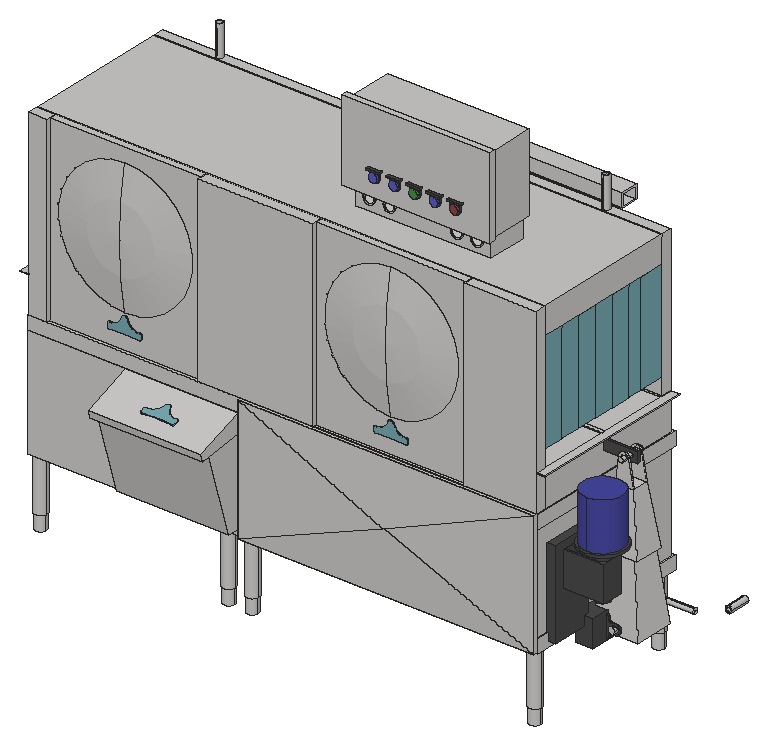
Revit family (continued)
Dimensions and locks (in)
  locked: Extrusion 16 sketch curve to plane 19 "Right of Bottom" at 1.25
  locked: Extrusion 17 sketch curve to plane 19 "Right of Bottom" at 1.25
  locked: plane 17 to Extrusion 17 sketch curve at 1.5
  locked: Extrusion 20 sketch curve to plane 19 "Right of Bottom" at 1.25
  locked: Extrusion 20 sketch curve to plane 16 at 1.5
  locked: Extrusion 21 sketch curve to plane 19 "Right of Bottom" at 1.25
  locked: Extrusion 21 sketch curve to plane 16 at 1.5
  locked: Extrusion 18 sketch curve to plane 16 at 1.5
  locked: plane 18 to Extrusion 18 sketch curve at 1.25
  locked: Extrusion 19 sketch curve to plane 16 at 1.5
  locked: plane 18 to Extrusion 19 sketch curve at 1.25
  locked: plane 27 to plane 22 "Door Center" at 10
  locked: plane 27 to plane 28 at 20
  locked: plane 29 to plane 22 "Door Center" at 11
  locked: plane 29 to plane 30 at 22
  plane 31 "Front of Lower Panel" to plane 6 "FRONT" = 0' - 6 1/2"
  locked: plane 32 to plane 31 "Front of Lower Panel" at 6
  locked: plane 33 to plane 6 "FRONT" at 6
  locked: plane 34 "Back of Panel" to plane 33 at 7
  locked: plane 33 to plane 35 "Front of Upper Panel" at 1
  locked: plane 29 to plane 36 at 0.5
  locked: plane 37 to plane 30 at 0.5
  locked: Extrusion 26 sketch curve to plane 27 at 2
  locked: Extrusion 26 sketch curve to plane 13 "Top of Machine" at 1.75
  locked: Extrusion 28 sketch curve to plane 28 at 2
  locked: Extrusion 28 sketch curve to plane 13 "Top of Machine" at 1.75
  locked: Extrusion 31 sketch curve to plane 13 "Top of Machine" at 5.875
  locked: Extrusion 32 sketch curve to plane 13 "Top of Machine" at 5.875
  locked: Extrusion 33 sketch curve to plane 13 "Top of Machine" at 5.875
  locked: Extrusion 34 sketch curve to plane 13 "Top of Machine" at 5.875
  locked: Extrusion 35 sketch curve to plane 13 "Top of Machine" at 5.875
  locked: Extrusion 36 sketch curve to plane 14 "Panel Top" at 4.12493
  locked: plane 38 to plane 9 "Right End Cowl" at 0.125
  locked: plane 40 to plane 41 at 24.875
  locked: plane 41 to plane 6 "FRONT" at 0.0625
  plane 42 "Top of Vents" to plane 13 "Top of Machine" = 0' - 4"
  locked: Extrusion 41 sketch curve to plane 5 "RIGHT" at 1.375
  locked: plane 5 "RIGHT" to Extrusion 42 sketch curve at 6
  locked: plane 5 "RIGHT" to Extrusion 45 sketch curve at 6
  locked: plane 5 "RIGHT" to Extrusion 46 sketch curve at 6
  locked: plane 5 "RIGHT" to Blend 44 sketch curve at 6
  locked: Extrusion 57 sketch curve to plane 3 "BACK" at 0.75
  locked: plane 43 to plane 22 "Door Center" at 14.5
  locked: plane 43 to plane 44 at 29
  locked: plane 46 to plane 13 "Top of Machine" at 2
  locked: plane 45 to plane 3 "BACK" at 3
  Extrusion 60 sketch curve to plane 13 "Top of Machine" = 1' - 1"
  locked: plane 30 to Extrusion 60 sketch curve at 1
  locked: plane 47 to plane 3 "BACK" at 5
  locked: plane 48 to plane 13 "Top of Machine" at 29
  locked: plane 49 to plane 51 at 0.125
  locked: plane 52 to plane 50 at 3.875
  locked: plane 54 "LEFT" to plane 56 at 0.25
  "Width": plane 54 "LEFT" to plane 5 "RIGHT"
  locked: plane 53 "Left of Middle" to plane 54 "LEFT" at 0.125
  locked: plane 55 to plane 54 "LEFT" at 1.25
  "Single Door Opening": plane 58 to plane 57
  locked: Extrusion 77 sketch curve to plane 21 at 1.125
  locked: plane 59 "Left of Bin" to plane 2 "Left of Bottom" at 17
  locked: plane 60 to level at 13.625
  locked: Extrusion 30 sketch curve to plane 22 "Door Center" at 1
  locked: plane 22 "Door Center" to Extrusion 35 sketch curve at 0.75
  locked: plane 22 "Door Center" to Extrusion 83 sketch curve at 6
  locked: plane 22 "Door Center" to Extrusion 31 sketch curve at 3
  locked: Extrusion 30 to Extrusion 32 sketch curve at 1
  locked: Extrusion 33 sketch curve to plane 22 "Door Center" at 3
  locked: Extrusion 34 sketch curve to plane 22 "Door Center" at 6
  locked: Extrusion 57 sketch curve to plane 5 "RIGHT" at 9
  plane 54 "LEFT" to Extrusion 84 sketch curve = 3' - 2"
  locked: plane 54 "LEFT" to Extrusion 85 sketch curve at 9
  locked: Extrusion 61 sketch curve to plane 5 "RIGHT" at 28
  locked: plane 61 to level at 8.5
  locked: plane 6 "FRONT" to plane 63 at 7
  locked: plane 54 "LEFT" to plane 58 at 2.6875
  plane 3 "BACK" to plane 62 "Drain" = 0' - 3"
  locked: plane 61 to plane 64 at 0.5
  locked: plane 65 to plane 66 at 5
  plane 5 "RIGHT" to plane 65 = 0' - 6"
  locked: plane 51 to plane 52 at 2.9375
  locked: plane 49 to plane 54 "LEFT" at 10
  locked: plane 39 to plane 38 at 2.9375
  plane 5 "RIGHT" to plane 9 "Right End Cowl" = 0' - 10"
  locked: plane 10 to plane 39 at 3.875
  equal spacing: plane 23, plane 22 "Door Center", plane 24
  locked: plane 54 "LEFT" to Extrusion 87 sketch curve at 22
  locked: plane 58 to plane 67 at 0.25
  locked: plane 68 to plane 57 at 0.25
  locked: plane 23 to plane 69 at 0.25
  locked: plane 70 to plane 24 at 0.25
  locked: plane 73 to plane 22 "Door Center" at 0.0625
  locked: plane 74 to plane 22 "Door Center" at 1.4375
  locked: plane 22 "Door Center" to plane 72 at 0.0625
  locked: plane 22 "Door Center" to plane 71 at 1.4375
  locked: plane 75 to plane 57 at 1.4375
  aligned and locked: level to plane 1
  aligned and locked: Extrusion 1 sketch curve to plane 17
  aligned and locked: Extrusion 1 sketch curve to plane 18
  aligned and locked: plane 19 "Right of Bottom" to Extrusion 1 sketch curve
  aligned and locked: Extrusion 1 to plane 11 "Bottom of Machine"
  aligned and locked: plane 15 to Extrusion 1
  aligned and locked: plane 2 "Left of Bottom" to Extrusion 2 sketch curve
  aligned and locked: Extrusion 2 sketch curve to plane 5 "RIGHT"
  aligned and locked: plane 6 "FRONT" to Extrusion 2 sketch curve
  aligned and locked: plane 3 "BACK" to Extrusion 2 sketch curve
  aligned and locked: plane 14 "Panel Top" to Extrusion 2
  aligned and locked: Extrusion 2 to plane 15
  aligned and locked: plane 5 "RIGHT" to Extrusion 3 sketch curve
  aligned and locked: plane 6 "FRONT" to Extrusion 3 sketch curve
  aligned and locked: plane 8 "Right of Ledge" to Extrusion 3 sketch curve
  aligned and locked: plane 3 "BACK" to Extrusion 3 sketch curve
  aligned and locked: plane 3 "BACK" to Extrusion 4 sketch curve
  aligned and locked: Extrusion 4 sketch curve to plane 21
  aligned and locked: Extrusion 4 to plane 14 "Panel Top"
  aligned and locked: plane 3 "BACK" to Extrusion 5 sketch curve
  aligned and locked: plane 20 to Extrusion 5 sketch curve
  aligned and locked: Extrusion 6 sketch curve to plane 5 "RIGHT"
  aligned and locked: Extrusion 6 sketch curve to plane 21
  aligned and locked: Extrusion 6 sketch curve to plane 20
  aligned and locked: plane 3 "BACK" to Extrusion 7 sketch curve
  aligned and locked: plane 20 to Extrusion 7 sketch curve
  aligned and locked: Extrusion 7 sketch curve to plane 5 "RIGHT"
  aligned and locked: Extrusion 7 to plane 12 "Table Height"
  aligned and locked: Extrusion 6 to plane 25 "Top of Opening"
  aligned and locked: Extrusion 8 sketch curve to plane 23
  aligned and locked: plane 14 "Panel Top" to Extrusion 8 sketch curve
  aligned and locked: Extrusion 8 to plane 21
  aligned and locked: Extrusion 8 sketch curve to plane 13 "Top of Machine"
  aligned and locked: plane 2 "Left of Bottom" to Blend 9 sketch curve
  aligned and locked: plane 11 "Bottom of Machine" to Blend 9 sketch curve
  aligned and locked: Blend 9 sketch curve to plane 14 "Panel Top"
  aligned and locked: Blend 9 sketch curve to plane 5 "RIGHT"
  aligned and locked: plane 6 "FRONT" to Extrusion 1 sketch curve
  aligned and locked: plane 2 "Left of Bottom" to Extrusion 10 sketch curve
  aligned and locked: Extrusion 10 sketch curve to plane 6 "FRONT"
  aligned and locked: plane 16 to Extrusion 10 sketch curve
  aligned and locked: Extrusion 10 sketch curve to plane 5 "RIGHT"
  aligned and locked: Extrusion 10 to plane 11 "Bottom of Machine"
  aligned and locked: plane 14 "Panel Top" to Extrusion 10
  aligned and locked: plane 24 to Extrusion 11 sketch curve
  aligned and locked: Extrusion 11 sketch curve to plane 13 "Top of Machine"
  aligned and locked: Extrusion 11 sketch curve to plane 5 "RIGHT"
  aligned and locked: plane 14 "Panel Top" to Extrusion 11 sketch curve
  aligned and locked: Extrusion 11 to plane 21
  aligned and locked: Extrusion 12 sketch curve to plane 24
  aligned and locked: plane 21 to Extrusion 12 sketch curve
  aligned and locked: plane 23 to Extrusion 12 sketch curve
  aligned and locked: Extrusion 12 to plane 14 "Panel Top"
  aligned and locked: plane 26 to Extrusion 14
  aligned and locked: Extrusion 15 to plane 26
  aligned and locked: plane 11 "Bottom of Machine" to Extrusion 15
  aligned and locked: plane 21 to Extrusion 22 sketch curve
  aligned and locked: plane 5 "RIGHT" to Extrusion 22 sketch curve  (x7)
  aligned and locked: plane 20 to Extrusion 22 sketch curve
  aligned and locked: Extrusion 23 sketch curve to plane 32
  aligned and locked: plane 31 "Front of Lower Panel" to Extrusion 23 sketch curve
  aligned and locked: plane 27 to Extrusion 23 sketch curve
  aligned and locked: plane 28 to Extrusion 23 sketch curve
  aligned and locked: Extrusion 24 sketch curve to plane 34 "Back of Panel"
  aligned and locked: plane 33 to Extrusion 24 sketch curve
  aligned and locked: plane 36 to Extrusion 24 sketch curve
  aligned and locked: Extrusion 24 sketch curve to plane 37
  aligned and locked: Extrusion 25 sketch curve to plane 33
  aligned and locked: plane 35 "Front of Upper Panel" to Extrusion 25 sketch curve
  aligned and locked: plane 29 to Extrusion 25 sketch curve
  aligned and locked: Extrusion 25 sketch curve to plane 30
  aligned and locked: Extrusion 27 sketch curve to Extrusion 26  (x2)
  aligned and locked: Extrusion 29 sketch curve to Extrusion 28  (x2)
  aligned and locked: Extrusion 37 sketch curve to plane 13 "Top of Machine"
  aligned and locked: Extrusion 37 sketch curve to plane 6 "FRONT"
  aligned and locked: plane 21 to Extrusion 37 sketch curve
  aligned and locked: plane 20 to Extrusion 37 sketch curve
  aligned and locked: plane 3 "BACK" to Extrusion 37 sketch curve
  aligned and locked: plane 6 "FRONT" to Extrusion 38 sketch curve
  aligned and locked: Extrusion 38 sketch curve to plane 13 "Top of Machine"
  aligned and locked: plane 3 "BACK" to Extrusion 38 sketch curve
  aligned and locked: plane 20 to Extrusion 38 sketch curve
  aligned and locked: plane 25 "Top of Opening" to Extrusion 38 sketch curve
  aligned and locked: plane 21 to Extrusion 38 sketch curve
  aligned and locked: Extrusion 38 to plane 38
  aligned and locked: plane 38 to Extrusion 37
  aligned and locked: Extrusion 39 sketch curve to plane 10
  aligned and locked: plane 39 to Extrusion 39 sketch curve
  aligned and locked: plane 40 to Extrusion 39 sketch curve
  aligned and locked: Extrusion 39 sketch curve to plane 41
  aligned and locked: Extrusion 40 sketch curve to Extrusion 39  (x4)
  aligned and locked: Blend 44 sketch curve to Extrusion 43  (x2)
  aligned and locked: Extrusion 53 sketch curve to Extrusion 51  (x2)
  aligned and locked: Extrusion 41 to plane 5 "RIGHT"
  aligned and locked: Extrusion 47 to plane 5 "RIGHT"
  aligned: nested 1 to cut or joined group of Extrusion 37, Extrusion 40
  aligned and locked: plane 10 to nested 1
  aligned and locked: plane 39 to nested 1
  aligned and locked: plane 41 to nested 1
  aligned and locked: nested 1 to plane 40
  aligned and locked: Extrusion 58 to plane 43
  aligned and locked: Extrusion 58 to plane 44
  aligned and locked: Extrusion 59 to plane 44
  aligned and locked: Extrusion 59 to plane 43
  aligned and locked: plane 3 "BACK" to curve 1
  aligned and locked: curve 3 to plane 5 "RIGHT"
  aligned and locked: plane 6 "FRONT" to curve 2
  aligned and locked: curve 5 to plane 9 "Right End Cowl"
  aligned and locked: plane 43 to curve 7
  aligned and locked: plane 44 to curve 9
  aligned and locked: curve 8 to plane 45
  aligned and locked: plane 8 "Right of Ledge" to curve 10
  aligned and locked: curve 11 to plane 34 "Back of Panel"
  aligned and locked: plane 33 to curve 13
  aligned and locked: plane 36 to curve 12
  aligned and locked: curve 14 to plane 37
  aligned and locked: plane 29 to curve 18
  aligned and locked: plane 35 "Front of Upper Panel" to curve 17
  aligned and locked: curve 16 to plane 30
  aligned and locked: plane 41 to curve 22
  aligned and locked: curve 23 to plane 39
  aligned and locked: plane 10 to curve 21
  aligned and locked: curve 20 to plane 40
  aligned and locked: Extrusion 62 sketch curve to plane 17  (x2)
  aligned and locked: plane 47 to Extrusion 62 sketch curve
  aligned and locked: plane 44 to Extrusion 62 sketch curve
  aligned and locked: Extrusion 62 sketch curve to plane 45
  aligned and locked: plane 43 to Extrusion 62 sketch curve
  aligned: plane 42 "Top of Vents" to Extrusion 62
  aligned and locked: plane 4 "TOP" to Extrusion 62
  aligned and locked: plane 13 "Top of Machine" to Extrusion 63 sketch curve
  aligned and locked: Extrusion 63 sketch curve to plane 24
  aligned and locked: plane 23 to Extrusion 63 sketch curve
  aligned and locked: Extrusion 63 sketch curve to plane 48
  aligned and locked: Extrusion 63 to plane 21
  aligned and locked: Extrusion 62 sketch curve to plane 8 "Right of Ledge"
  aligned and locked: Extrusion 64 sketch curve to plane 47
  aligned and locked: Extrusion 64 sketch curve to plane 8 "Right of Ledge"
  aligned and locked: plane 17 to Extrusion 64 sketch curve
  aligned and locked: Extrusion 64 sketch curve to plane 9 "Right End Cowl"
  aligned and locked: plane 4 "TOP" to Extrusion 64
  aligned and locked: curve 26 to plane 9 "Right End Cowl"
  aligned and locked: curve 25 to plane 47
  aligned and locked: Extrusion 66 sketch curve to Extrusion 65  (x2)
  aligned and locked: Extrusion 68 sketch curve to Extrusion 67  (x2)
  aligned and locked: Extrusion 69 to plane 51
  aligned and locked: plane 51 to Extrusion 70
  aligned and locked: plane 52 to Extrusion 71 sketch curve
  aligned and locked: Extrusion 71 sketch curve to plane 50
  aligned and locked: curve 27 to plane 49
  aligned and locked: curve 31 to plane 50
  aligned and locked: plane 52 to curve 29
  aligned and locked: plane 49 to Extrusion 72 sketch curve
  aligned and locked: plane 49 to curve 32
  aligned and locked: Extrusion 73 sketch curve to plane 55
  aligned and locked: plane 6 "FRONT" to Extrusion 74 sketch curve
  aligned and locked: Extrusion 74 sketch curve to plane 17
  aligned and locked: plane 19 "Right of Bottom" to Extrusion 74 sketch curve
  aligned and locked: plane 14 "Panel Top" to Extrusion 74
  aligned and locked: Extrusion 74 sketch curve to plane 53 "Left of Middle"
  aligned and locked: plane 54 "LEFT" to Extrusion 7 sketch curve
  aligned and locked: plane 54 "LEFT" to Extrusion 6 sketch curve
  aligned and locked: Extrusion 4 sketch curve to plane 5 "RIGHT"
  aligned and locked: plane 54 "LEFT" to Extrusion 4 sketch curve
  aligned and locked: Extrusion 5 sketch curve to plane 5 "RIGHT"
  aligned and locked: plane 54 "LEFT" to Extrusion 5 sketch curve
  aligned and locked: plane 57 to Extrusion 8 sketch curve
  aligned and locked: plane 54 "LEFT" to Extrusion 76 sketch curve
  aligned and locked: Extrusion 76 sketch curve to plane 13 "Top of Machine"
  aligned and locked: Extrusion 76 sketch curve to plane 58
  aligned and locked: plane 14 "Panel Top" to Extrusion 76 sketch curve
  aligned and locked: Extrusion 76 to plane 21
  aligned and locked: Extrusion 76 to plane 6 "FRONT"
  aligned and locked: plane 13 "Top of Machine" to Extrusion 78 sketch curve
  aligned and locked: Extrusion 78 sketch curve to plane 57
  aligned and locked: plane 58 to Extrusion 78 sketch curve
  aligned and locked: Extrusion 78 sketch curve to plane 48
  aligned and locked: Extrusion 78 to plane 21
  aligned and locked: plane 58 to Extrusion 77 sketch curve
  aligned and locked: Extrusion 77 sketch curve to plane 57
  aligned and locked: plane 21 to Extrusion 77 sketch curve
  aligned and locked: Extrusion 77 to plane 14 "Panel Top"
  aligned and locked: plane 13 "Top of Machine" to Extrusion 77
  aligned and locked: plane 18 to Extrusion 79 sketch curve
  aligned and locked: Extrusion 79 to plane 3 "BACK"
  aligned and locked: Extrusion 88 sketch curve to Extrusion 87  (x2)
  aligned and locked: Extrusion 89 sketch curve to Extrusion 61  (x2)
  aligned and locked: plane 54 "LEFT" to cut or joined group of Extrusion 69, Extrusion 90
  aligned and locked: Extrusion 81 to plane 18
  aligned and locked: Extrusion 80 to plane 18
  aligned and locked: Extrusion 79 sketch curve to plane 53 "Left of Middle"
  aligned and locked: plane 11 "Bottom of Machine" to Extrusion 79 sketch curve
  aligned and locked: cut or joined group of Extrusion 37, Extrusion 40 to plane 5 "RIGHT"
  aligned and locked: plane 55 to Extrusion 72
  aligned and locked: Extrusion 62 to plane 55
  aligned and locked: plane 21 to Extrusion 107 sketch curve
  aligned and locked: plane 6 "FRONT" to Extrusion 107 sketch curve
  aligned and locked: Extrusion 107 sketch curve to plane 73
  aligned and locked: plane 69 to Extrusion 107 sketch curve
  aligned and locked: plane 72 to Extrusion 108 sketch curve
  aligned and locked: plane 21 to Extrusion 108 sketch curve
  aligned and locked: Extrusion 108 sketch curve to plane 70
  aligned and locked: plane 6 "FRONT" to Extrusion 108 sketch curve
  aligned and locked: Extrusion 107 to plane 14 "Panel Top"
  aligned and locked: Extrusion 108 to plane 14 "Panel Top"
  aligned and locked: curve 57 to plane 23
  aligned and locked: curve 59 to plane 24
  aligned and locked: plane 68 to Extrusion 115
  aligned and locked: curve 65 to plane 58
Automatic sketch dimensions
  Extrusion 81 sketch curve to Extrusion 81 sketch curve = 0' - 1.04649"
  Extrusion 82 sketch curve to Extrusion 82 sketch curve = 0' - 1.63184"  (x2)
  Extrusion 82 sketch curve to Extrusion 82 sketch curve = 0' - 1.52338"
  Extrusion 82 sketch curve to Extrusion 82 sketch curve = 0' - 0.41934"
  Extrusion 82 sketch curve to Extrusion 82 sketch curve = 0' - 0.42496"
  Extrusion 82 sketch curve to Extrusion 82 sketch curve = 0' - 0"  (x2)
  Extrusion 82 sketch curve to Extrusion 82 sketch curve = 0' - 1.22253"
  Extrusion 82 sketch curve to Extrusion 82 sketch curve = 0' - 1.51845"
  Extrusion 82 sketch curve to Extrusion 82 sketch curve = 0' - 0.00341"
  Extrusion 82 sketch curve to Extrusion 82 sketch curve = 0' - 0.25142"  (x2)
  Extrusion 82 sketch curve to Extrusion 82 sketch curve = 0' - 11.90119"
  Extrusion 82 sketch curve to Extrusion 82 sketch curve = 0' - 0.08323"
  Extrusion 82 sketch curve to Extrusion 82 sketch curve = 0' - 0.48493"  (x2)
  Extrusion 82 sketch curve to Extrusion 82 sketch curve = 0' - 1.96861"
  Extrusion 80 sketch curve to Extrusion 80 sketch curve = 0' - 3.69119"
  Extrusion 80 sketch curve to Extrusion 80 sketch curve = 0' - 5.50369"
  Extrusion 80 sketch curve to Extrusion 80 sketch curve = 1' - 0.07335"
  Extrusion 80 sketch curve to Extrusion 80 sketch curve = 0' - 0.73915"
  Extrusion 81 sketch curve to Extrusion 81 sketch curve = 0' - 0.24812"
  Extrusion 81 sketch curve to Extrusion 81 sketch curve = 0' - 6.75188"
  Extrusion 81 sketch curve to Extrusion 81 sketch curve = 0' - 0.90679"
  Extrusion 81 sketch curve to Extrusion 81 sketch curve = 0' - 2 11/16"
  Extrusion 82 sketch curve to Extrusion 82 sketch curve = 0' - 0.25483"
  Extrusion 82 sketch curve to Extrusion 82 sketch curve = 0' - 0.30345"
  Extrusion 82 sketch curve to Extrusion 82 sketch curve = 0' - 0.61126"
  Extrusion 105 sketch curve to Extrusion 105 sketch curve = 0' - 1.04649"
  Extrusion 106 sketch curve to Extrusion 106 sketch curve = 0' - 1.63184"  (x2)
  Extrusion 106 sketch curve to Extrusion 106 sketch curve = 0' - 1.52338"
  Extrusion 106 sketch curve to Extrusion 106 sketch curve = 0' - 0.41934"
  Extrusion 106 sketch curve to Extrusion 106 sketch curve = 0' - 0.42496"
  Extrusion 106 sketch curve to Extrusion 106 sketch curve = 0' - 0"  (x2)
  Extrusion 106 sketch curve to Extrusion 106 sketch curve = 0' - 1.22253"
  Extrusion 106 sketch curve to Extrusion 106 sketch curve = 0' - 1.51845"
  Extrusion 106 sketch curve to Extrusion 106 sketch curve = 0' - 0.00341"
  Extrusion 106 sketch curve to Extrusion 106 sketch curve = 0' - 0.25142"  (x2)
  Extrusion 106 sketch curve to Extrusion 106 sketch curve = 0' - 11.90119"
  Extrusion 106 sketch curve to Extrusion 106 sketch curve = 0' - 0.08323"
  Extrusion 106 sketch curve to Extrusion 106 sketch curve = 0' - 0.48493"  (x2)
  Extrusion 106 sketch curve to Extrusion 106 sketch curve = 0' - 1.96861"
  Extrusion 104 sketch curve to Extrusion 104 sketch curve = 0' - 3.69119"
  Extrusion 104 sketch curve to Extrusion 104 sketch curve = 0' - 5.50369"
  Extrusion 104 sketch curve to Extrusion 104 sketch curve = 1' - 0.07335"
  Extrusion 104 sketch curve to Extrusion 104 sketch curve = 0' - 0.73915"
  Extrusion 105 sketch curve to Extrusion 105 sketch curve = 0' - 0.24812"
  Extrusion 105 sketch curve to Extrusion 105 sketch curve = 0' - 6.75188"
  Extrusion 105 sketch curve to Extrusion 105 sketch curve = 0' - 0.90679"
  Extrusion 105 sketch curve to Extrusion 105 sketch curve = 0' - 2 11/16"
  Extrusion 106 sketch curve to Extrusion 106 sketch curve = 0' - 0.25483"
  Extrusion 106 sketch curve to Extrusion 106 sketch curve = 0' - 0.30345"
  Extrusion 106 sketch curve to Extrusion 106 sketch curve = 0' - 0.61126"
  curve 33 to plane 55 = 0' - 0"
  plane 3 "BACK" to curve 36 = 0' - 0"
  curve 36 to plane 54 "LEFT" = 0' - 0"
  curve 37 to plane 6 "FRONT" = 0' - 0"
  curve 37 to plane 58 = 0' - 0"
  curve 41 to plane 59 "Left of Bin" = 0' - 0"
  curve 43 to plane 18 = 0' - 0"
  curve 40 to plane 57 = 0' - 0"
  curve 47 to plane 23 = 0' - 0"
  plane 21 to curve 45 = 0' - 0"
  curve 45 to plane 24 = 0' - 0"
  curve 25 to plane 8 "Right of Ledge" = 0' - 0"
  curve 42 to plane 63 = 0' - 0"
  curve 46 to plane 6 "FRONT" = 0' - 0"
  curve 39 to plane 6 "FRONT" = 0' - 0"
  curve 36 to plane 6 "FRONT" = 0' - 0"
  curve 43 to plane 6 "FRONT" = 0' - 0"
  curve 44 to plane 6 "FRONT" = 0' - 0"
  curve 41 to plane 6 "FRONT" = 0' - 0"
  plane 21 to curve 38 = 0' - 0"
  curve 26 to plane 17 = 0' - 0"
  curve 32 to plane 17 = 0' - 0"
  plane 41 to curve 47 = 0' - 0 7/16"
  plane 41 to curve 40 = 0' - 0 7/16"
  Extrusion 5 sketch curve to plane 5 "RIGHT" = 0' - 0"
  Extrusion 5 sketch curve to plane 54 "LEFT" = 0' - 0"
  plane 32 to Extrusion 5 sketch curve = 0' - 0 1/4"
  Extrusion 5 sketch curve to plane 32 = 0' - 0 1/4"
  plane 60 to Blend 9 sketch curve = 0' - 5 19/32"
  Blend 9 sketch curve to Blend 9 sketch curve = 0' - 0 1/16"
  Revolve 13 sketch curve to plane 16 = 0' - 0"
  Revolve 13 sketch curve to plane 63 = 0' - 4 1/4"
  plane 41 to Revolve 13 sketch curve = 0' - 0 7/16"
  plane 31 "Front of Lower Panel" to Revolve 13 sketch curve = 0' - 2 3/4"
  Revolve 13 sketch curve to plane 25 "Top of Opening" = 0' - 7.74993"
  plane 47 to Revolve 13 sketch curve = 1' - 5.49935"
  Revolve 13 sketch curve to plane 25 "Top of Opening" = 0' - 8"  (x2)
  Extrusion 22 sketch curve to plane 35 "Front of Upper Panel" = 0' - 0 3/8"
  Extrusion 22 sketch curve to Extrusion 22 sketch curve = 0' - 0 1/8"  (x6)
  plane 31 "Front of Lower Panel" to Extrusion 22 sketch curve = 0' - 1 1/4"
  Extrusion 22 sketch curve to plane 32 = 0' - 1 5/8"
  Extrusion 22 sketch curve to plane 5 "RIGHT" = 0' - 0 1/8"  (x7)
  plane 34 "Back of Panel" to Extrusion 22 sketch curve = 0' - 1"
  Extrusion 22 sketch curve to Extrusion 22 sketch curve = 0' - 3"
  Extrusion 22 sketch curve to Extrusion 22 sketch curve = 0' - 2"
  Extrusion 26 sketch curve to Extrusion 26 sketch curve = 0' - 0"  (x2)
  Extrusion 28 sketch curve to Extrusion 28 sketch curve = 0' - 0"  (x2)
  plane 71 to Extrusion 30 sketch curve = 0' - 0 9/16"
  Extrusion 30 sketch curve to Extrusion 30 sketch curve = 0' - 2"  (x4)
  Extrusion 30 sketch curve to Extrusion 30 sketch curve = 0' - 1"  (x2)
  plane 74 to Extrusion 30 sketch curve = 0' - 0 7/16"
  Extrusion 30 sketch curve to plane 74 = 0' - 0 9/16"
  plane 42 "Top of Vents" to Extrusion 30 sketch curve = 0' - 2 3/4"  (x3)
  Extrusion 30 sketch curve to Extrusion 30 sketch curve = 0' - 0"  (x2)
  Extrusion 30 sketch curve to Extrusion 30 sketch curve = 0' - 0 1/4"  (x5)
  Extrusion 35 sketch curve to plane 22 "Door Center" = 0' - 0"
  plane 71 to Extrusion 35 sketch curve = 0' - 0 13/16"
  Extrusion 35 sketch curve to Extrusion 35 sketch curve = 0' - 0 3/4"  (x4)
  Extrusion 35 sketch curve to Extrusion 35 sketch curve = 0' - 1 1/2"  (x2)
  Extrusion 35 sketch curve to plane 74 = 0' - 0 13/16"
  Extrusion 35 sketch curve to Extrusion 35 sketch curve = 0' - 0"
  plane 42 "Top of Vents" to Extrusion 35 sketch curve = 0' - 1 7/8"  (x3)
  Extrusion 35 sketch curve to Extrusion 35 sketch curve = 0' - 0 7/8"  (x5)
  Extrusion 36 sketch curve to plane 22 "Door Center" = 0' - 0"
  plane 22 "Door Center" to Extrusion 36 sketch curve = 0' - 0.00035"
  plane 72 to Extrusion 36 sketch curve = 0' - 0.35719"
  plane 72 to Extrusion 36 sketch curve = 0' - 0.54876"
  plane 71 to Extrusion 36 sketch curve = 0' - 0.50556"
  plane 71 to Extrusion 36 sketch curve = 0' - 0.8056"
  Extrusion 36 sketch curve to Extrusion 36 sketch curve = 0' - 0.00341"  (x2)
  Extrusion 36 sketch curve to Extrusion 36 sketch curve = 0' - 0.25142"  (x2)
  Extrusion 36 sketch curve to plane 22 "Door Center" = 0' - 0.42461"
  Extrusion 36 sketch curve to Extrusion 36 sketch curve = 0' - 0"
  Extrusion 36 sketch curve to plane 73 = 0' - 0.54876"
  Extrusion 36 sketch curve to plane 74 = 0' - 0.50556"
  Extrusion 36 sketch curve to plane 74 = 0' - 0.8056"
  Extrusion 36 sketch curve to plane 12 "Table Height" = 0' - 2.43574"  (x2)
  Extrusion 36 sketch curve to Extrusion 36 sketch curve = 0' - 0.48493"  (x2)
  Extrusion 36 sketch curve to Extrusion 36 sketch curve = 0' - 0.08323"
  plane 60 to Extrusion 36 sketch curve = 0' - 5.0469"
  Extrusion 37 sketch curve to plane 40 = 0' - 0 1/16"
  plane 41 to Extrusion 37 sketch curve = 0' - 0 1/16"
  Extrusion 37 sketch curve to plane 13 "Top of Machine" = 0' - 0 1/8"
  Extrusion 37 sketch curve to plane 25 "Top of Opening" = 0' - 0.88572"
  Extrusion 37 sketch curve to Extrusion 37 sketch curve = 0' - 0.05178"  (x2)
  Extrusion 37 sketch curve to Extrusion 37 sketch curve = 0' - 1 1/2"  (x2)
  Extrusion 37 sketch curve to Extrusion 37 sketch curve = 0' - 0.17678"  (x2)
  plane 12 "Table Height" to Extrusion 37 sketch curve = 0' - 5.17678"
  Extrusion 38 sketch curve to plane 25 "Top of Opening" = 0' - 0 15/16"
  Extrusion 38 sketch curve to Extrusion 38 sketch curve = 0' - 1 5/8"  (x2)
  plane 12 "Table Height" to Extrusion 38 sketch curve = 0' - 5 1/8"
  Extrusion 39 sketch curve to plane 41 = 0' - 0 1/8"
  plane 40 to Extrusion 39 sketch curve = 0' - 0 1/8"
  Extrusion 39 sketch curve to plane 10 = 0' - 0 1/8"
  plane 39 to Extrusion 39 sketch curve = 0' - 0 1/8"
  plane 19 "Right of Bottom" to Extrusion 41 sketch curve = 0' - 0"
  Extrusion 41 sketch curve to plane 5 "RIGHT" = 0' - 0"
  Extrusion 41 sketch curve to plane 15 = 0' - 0"
  plane 11 "Bottom of Machine" to Extrusion 41 sketch curve = 0' - 0 15/16"
  Extrusion 41 sketch curve to plane 14 "Panel Top" = 0' - 4 9/16"
  Extrusion 42 sketch curve to plane 35 "Front of Upper Panel" = 0' - 0 3/16"
  Blend 44 sketch curve to plane 35 "Front of Upper Panel" = 0' - 0 3/16"
  Extrusion 45 sketch curve to plane 35 "Front of Upper Panel" = 0' - 0 3/16"
  Extrusion 46 sketch curve to plane 35 "Front of Upper Panel" = 0' - 0 3/16"
  Extrusion 47 sketch curve to plane 5 "RIGHT" = 0' - 0"
  plane 10 to Extrusion 47 sketch curve = 0' - 1 3/16"
  Extrusion 47 sketch curve to plane 65 = 0' - 0 3/4"
  Extrusion 47 sketch curve to plane 12 "Table Height" = 0' - 2 5/16"
  Extrusion 47 sketch curve to Extrusion 47 sketch curve = 0' - 0 3/4"
  Extrusion 47 sketch curve to plane 12 "Table Height" = 0' - 0 13/16"
  Extrusion 48 sketch curve to plane 15 = 0' - 0"
  plane 19 "Right of Bottom" to Extrusion 48 sketch curve = 0' - 0"
  Extrusion 48 sketch curve to plane 5 "RIGHT" = 0' - 0"
  Extrusion 48 sketch curve to plane 10 = 0' - 0 5/16"
  Extrusion 48 sketch curve to plane 61 = 0' - 0 1/16"
  Extrusion 48 sketch curve to Extrusion 48 sketch curve = 0' - 0 7/16"
  Extrusion 49 sketch curve to Extrusion 49 sketch curve = 0' - 0"  (x2)
  plane 11 "Bottom of Machine" to Extrusion 49 sketch curve = 0' - 0 7/16"
  plane 10 to Extrusion 49 sketch curve = 0' - 1 3/16"
  plane 10 to Extrusion 49 sketch curve = 0' - 0 9/16"  (x2)
  Extrusion 49 sketch curve to plane 11 "Bottom of Machine" = 0' - 0 5/16"
  plane 10 to Extrusion 49 sketch curve = 0' - 0 3/16"  (x2)
  Extrusion 49 sketch curve to plane 10 = 0' - 0 1/16"  (x2)
  Extrusion 49 sketch curve to Extrusion 49 sketch curve = 0' - 0 1/4"
  Extrusion 49 sketch curve to Extrusion 49 sketch curve = 0' - 0 5/16"
  Extrusion 49 sketch curve to plane 15 = 0' - 0 1/8"
  Extrusion 50 sketch curve to Extrusion 50 sketch curve = 0' - 0"  (x2)
  plane 11 "Bottom of Machine" to Extrusion 50 sketch curve = 0' - 0 7/16"
  plane 10 to Extrusion 50 sketch curve = 0' - 1 3/16"
  plane 10 to Extrusion 50 sketch curve = 0' - 0 9/16"  (x2)
  Extrusion 50 sketch curve to plane 11 "Bottom of Machine" = 0' - 0 5/16"
  plane 10 to Extrusion 50 sketch curve = 0' - 0 3/16"  (x2)
  Extrusion 50 sketch curve to plane 10 = 0' - 0 1/16"  (x2)
  Extrusion 50 sketch curve to Extrusion 50 sketch curve = 0' - 0 1/4"
  Extrusion 50 sketch curve to Extrusion 50 sketch curve = 0' - 0 5/16"
  Extrusion 50 sketch curve to plane 15 = 0' - 0 1/8"
  Extrusion 51 sketch curve to Extrusion 51 sketch curve = 0' - 0"  (x6)
  plane 14 "Panel Top" to Extrusion 51 sketch curve = 0' - 0 3/16"
  Extrusion 51 sketch curve to plane 65 = 0' - 0 9/16"
  Extrusion 51 sketch curve to plane 65 = 0' - 1.26188"
  Extrusion 51 sketch curve to Extrusion 51 sketch curve = 0' - 0.36312"
  Extrusion 51 sketch curve to Extrusion 51 sketch curve = 0' - 0 3/8"
  plane 10 to Extrusion 51 sketch curve = 0' - 0.19938"
  Extrusion 51 sketch curve to plane 10 = 0' - 0 1/4"
  Extrusion 51 sketch curve to plane 12 "Table Height" = 0' - 1 9/16"
  Extrusion 51 sketch curve to Extrusion 51 sketch curve = 0' - 0.13295"
  Extrusion 52 sketch curve to Extrusion 52 sketch curve = 0' - 0"  (x6)
  plane 14 "Panel Top" to Extrusion 52 sketch curve = 0' - 0 3/16"
  Extrusion 52 sketch curve to plane 65 = 0' - 0 9/16"
  Extrusion 52 sketch curve to plane 65 = 0' - 1.26188"
  Extrusion 52 sketch curve to Extrusion 52 sketch curve = 0' - 0.36312"
  Extrusion 52 sketch curve to Extrusion 52 sketch curve = 0' - 0 3/8"
  plane 10 to Extrusion 52 sketch curve = 0' - 0.19938"
  Extrusion 52 sketch curve to plane 10 = 0' - 0 1/4"
  Extrusion 52 sketch curve to plane 12 "Table Height" = 0' - 1 9/16"
  Extrusion 52 sketch curve to Extrusion 52 sketch curve = 0' - 0.13295"
  Blend 54 sketch curve to plane 8 "Right of Ledge" = 0' - 0 5/16"
  Blend 54 sketch curve to plane 32 = 0' - 2 1/4"
  plane 34 "Back of Panel" to Blend 54 sketch curve = 0' - 1 3/4"
  Blend 54 sketch curve to plane 39 = 0' - 0 1/4"
  Blend 54 sketch curve to plane 10 = 0' - 0 1/4"
  Blend 54 sketch curve to plane 32 = 0' - 1 1/4"
  plane 34 "Back of Panel" to Blend 54 sketch curve = 0' - 0 3/4"
  Blend 54 sketch curve to plane 65 = 0' - 0 9/16"
  plane 39 to Blend 55 sketch curve = 0' - 0 1/2"
  plane 31 "Front of Lower Panel" to Blend 55 sketch curve = 0' - 3"
  plane 34 "Back of Panel" to Blend 55 sketch curve = 0' - 2 1/2"
  plane 8 "Right of Ledge" to Blend 55 sketch curve = 0' - 0 7/16"
  Blend 55 sketch curve to plane 8 "Right of Ledge" = 0' - 0 9/16"
  Blend 55 sketch curve to plane 32 = 0' - 2"
  plane 34 "Back of Panel" to Blend 55 sketch curve = 0' - 1 1/2"
  plane 65 to Blend 55 sketch curve = 0' - 0 3/16"
  Extrusion 56 sketch curve to Extrusion 56 sketch curve = 0' - 0"  (x2)
  plane 11 "Bottom of Machine" to Extrusion 56 sketch curve = 0' - 0 7/16"
  plane 10 to Extrusion 56 sketch curve = 0' - 1 7/16"
  Extrusion 56 sketch curve to Extrusion 56 sketch curve = 0' - 0 1/2"
  Extrusion 57 sketch curve to Extrusion 57 sketch curve = 0' - 0"  (x2)
  Extrusion 58 sketch curve to plane 46 = 0' - 0"
  Extrusion 58 sketch curve to plane 13 "Top of Machine" = 0' - 0"
  Extrusion 58 sketch curve to plane 45 = 0' - 0"
  Extrusion 58 sketch curve to plane 45 = 0' - 0 1/8"
  Extrusion 58 sketch curve to plane 17 = 0' - 0 1/8"
  Extrusion 58 sketch curve to Extrusion 58 sketch curve = 0' - 0 1/8"
  plane 13 "Top of Machine" to Extrusion 58 sketch curve = 0' - 0 1/8"
  Extrusion 58 sketch curve to plane 46 = 0' - 0 1/8"
  Extrusion 59 sketch curve to plane 3 "BACK" = 0' - 0"
  Extrusion 59 sketch curve to plane 13 "Top of Machine" = 0' - 0"
  Extrusion 59 sketch curve to plane 3 "BACK" = 0' - 0 1/4"
  Extrusion 59 sketch curve to Extrusion 59 sketch curve = 0' - 0 1/8"
  Extrusion 61 sketch curve to Extrusion 61 sketch curve = 0' - 0"  (x2)
  Extrusion 61 sketch curve to plane 62 "Drain" = 0' - 0"
  curve 35 to plane 6 "FRONT" = 0' - 0"
  curve 3 to plane 6 "FRONT" = 0' - 0"
  curve 30 to plane 41 = 0' - 0"
  curve 29 to plane 40 = 0' - 0"
  plane 3 "BACK" to curve 34 = 0' - 0"
  plane 3 "BACK" to curve 3 = 0' - 0"
  curve 2 to plane 8 "Right of Ledge" = 0' - 0"
  curve 34 to plane 54 "LEFT" = 0' - 0"
  curve 35 to plane 54 "LEFT" = 0' - 0"
  curve 2 to plane 55 = 0' - 0"
  curve 1 to plane 55 = 0' - 0"
  Extrusion 62 sketch curve to plane 55 = 0' - 0"
  Extrusion 65 sketch curve to Extrusion 65 sketch curve = 0' - 0"  (x2)
  Extrusion 65 sketch curve to plane 46 = 0' - 0 1/4"
  Extrusion 65 sketch curve to plane 74 = 0' - 3 9/16"
  Extrusion 67 sketch curve to Extrusion 67 sketch curve = 0' - 0"  (x2)
  plane 46 to Extrusion 67 sketch curve = 0' - 0 1/4"
  Extrusion 67 sketch curve to plane 71 = 0' - 3 9/16"
  Extrusion 69 sketch curve to plane 6 "FRONT" = 0' - 0"
  Extrusion 69 sketch curve to plane 21 = 0' - 0"
  Extrusion 69 sketch curve to plane 20 = 0' - 0"
  Extrusion 69 sketch curve to plane 3 "BACK" = 0' - 0"
  Extrusion 69 sketch curve to plane 13 "Top of Machine" = 0' - 0"
  plane 41 to Extrusion 69 sketch curve = 0' - 0 1/16"
  Extrusion 69 sketch curve to plane 40 = 0' - 0 1/16"
  Extrusion 69 sketch curve to plane 13 "Top of Machine" = 0' - 0 1/8"
  Extrusion 69 sketch curve to plane 25 "Top of Opening" = 0' - 0.88572"
  Extrusion 69 sketch curve to Extrusion 69 sketch curve = 0' - 0.05178"  (x2)
  Extrusion 69 sketch curve to Extrusion 69 sketch curve = 0' - 1 1/2"  (x2)
  Extrusion 69 sketch curve to Extrusion 69 sketch curve = 0' - 0.17678"  (x2)
  plane 12 "Table Height" to Extrusion 69 sketch curve = 0' - 5.17678"
  Extrusion 70 sketch curve to plane 6 "FRONT" = 0' - 0"
  Extrusion 70 sketch curve to plane 21 = 0' - 0"
  Extrusion 70 sketch curve to plane 20 = 0' - 0"
  Extrusion 70 sketch curve to plane 3 "BACK" = 0' - 0"
  Extrusion 70 sketch curve to plane 25 "Top of Opening" = 0' - 0"
  Extrusion 70 sketch curve to plane 13 "Top of Machine" = 0' - 0"
  Extrusion 70 sketch curve to plane 25 "Top of Opening" = 0' - 0 15/16"
  Extrusion 70 sketch curve to Extrusion 70 sketch curve = 0' - 1 5/8"  (x2)
  plane 12 "Table Height" to Extrusion 70 sketch curve = 0' - 5 1/8"
  Extrusion 71 sketch curve to plane 41 = 0' - 0"
  Extrusion 71 sketch curve to plane 40 = 0' - 0"
  plane 41 to Extrusion 71 sketch curve = 0' - 0 1/8"
  Extrusion 71 sketch curve to plane 40 = 0' - 0 1/8"
  Extrusion 71 sketch curve to plane 50 = 0' - 0 1/8"
  plane 52 to Extrusion 71 sketch curve = 0' - 0 1/8"
  Extrusion 72 sketch curve to plane 17 = 0' - 0"
  Extrusion 72 sketch curve to plane 55 = 0' - 0"
  Extrusion 72 sketch curve to plane 47 = 0' - 0"
  Extrusion 73 sketch curve to plane 6 "FRONT" = 0' - 0"
  plane 3 "BACK" to Extrusion 73 sketch curve = 0' - 0"
  Extrusion 73 sketch curve to plane 54 "LEFT" = 0' - 0"
  plane 21 to Extrusion 75 sketch curve = 0' - 0"
  Extrusion 75 sketch curve to plane 54 "LEFT" = 0' - 0"  (x7)
  Extrusion 75 sketch curve to plane 20 = 0' - 0"
  plane 35 "Front of Upper Panel" to Extrusion 75 sketch curve = 0' - 0 3/8"
  Extrusion 75 sketch curve to Extrusion 75 sketch curve = 0' - 0 1/8"  (x10)
  Extrusion 75 sketch curve to plane 31 "Front of Lower Panel" = 0' - 1 1/4"
  plane 32 to Extrusion 75 sketch curve = 0' - 1 5/8"
  Extrusion 75 sketch curve to plane 54 "LEFT" = 0' - 0 1/8"  (x3)
  Extrusion 75 sketch curve to plane 34 "Back of Panel" = 0' - 1"
  Extrusion 75 sketch curve to Extrusion 75 sketch curve = 0' - 3"
  Extrusion 75 sketch curve to Extrusion 75 sketch curve = 0' - 2"
  Extrusion 79 sketch curve to plane 14 "Panel Top" = 0' - 2"
  plane 42 "Top of Vents" to Extrusion 83 sketch curve = 0' - 1 7/8"
  Extrusion 84 sketch curve to Extrusion 84 sketch curve = 0' - 0"  (x2)
  Extrusion 84 sketch curve to plane 40 = 0' - 0 11/16"
  Extrusion 85 sketch curve to Extrusion 85 sketch curve = 0' - 0"  (x2)
  Extrusion 85 sketch curve to plane 40 = 0' - 0 11/16"
  Sweep 86 sketch curve to plane 61 = 0' - 0"
  plane 27 to Sweep 86 sketch curve = 0' - 4"
  Sweep 86 sketch curve to plane 59 "Left of Bin" = 0' - 1 7/8"
  plane 11 "Bottom of Machine" to Sweep 86 sketch curve = 0' - 0 1/2"
  Sweep 86 sketch curve to Sweep 86 sketch curve = 0' - 0 7/16"
  Sweep 86 sketch curve to Sweep 86 sketch curve = 0' - 0"  (x2)
  Sweep 86 sketch curve to plane 62 "Drain" = 0' - 0"
  profile plane to Sweep 86 sketch curve = 0' - 0"
  Extrusion 87 sketch curve to Extrusion 87 sketch curve = 0' - 0"  (x2)
  Extrusion 87 sketch curve to plane 62 "Drain" = 0' - 0"
  plane 41 to Extrusion 90 sketch curve = 0' - 0 1/8"
  Extrusion 90 sketch curve to plane 40 = 0' - 0 1/8"
  Extrusion 90 sketch curve to plane 50 = 0' - 0 1/8"
  plane 52 to Extrusion 90 sketch curve = 0' - 0 1/8"
  Revolve 91 sketch curve to plane 16 = 0' - 0"
  Revolve 91 sketch curve to plane 63 = 0' - 4 1/4"
  plane 41 to Revolve 91 sketch curve = 0' - 0 7/16"
  plane 31 "Front of Lower Panel" to Revolve 91 sketch curve = 0' - 2 3/4"
  Revolve 91 sketch curve to plane 25 "Top of Opening" = 0' - 7.74993"
  plane 47 to Revolve 91 sketch curve = 1' - 5.49935"
  Revolve 91 sketch curve to plane 25 "Top of Opening" = 0' - 8"  (x2)
  plane 59 "Left of Bin" to Extrusion 92 sketch curve = 0' - 1.93543"
  Extrusion 92 sketch curve to Extrusion 92 sketch curve = 0' - 0.25142"  (x2)
  Extrusion 92 sketch curve to Extrusion 92 sketch curve = 0' - 0.25483"
  plane 59 "Left of Bin" to Extrusion 92 sketch curve = 0' - 1.38056"
  plane 59 "Left of Bin" to Extrusion 92 sketch curve = 0' - 0.04876"
  Extrusion 92 sketch curve to plane 59 "Left of Bin" = 0' - 0.14281"
  Extrusion 92 sketch curve to Extrusion 92 sketch curve = 0' - 0.41934"
  Extrusion 92 sketch curve to plane 59 "Left of Bin" = 0' - 0 9/16"
  Extrusion 92 sketch curve to Extrusion 92 sketch curve = 0' - 0.42496"
  Extrusion 92 sketch curve to Extrusion 92 sketch curve = 0' - 0"
  Extrusion 92 sketch curve to plane 59 "Left of Bin" = 0' - 1.17376"
  Extrusion 92 sketch curve to Extrusion 92 sketch curve = 0' - 1.51845"
  Extrusion 92 sketch curve to Extrusion 92 sketch curve = 0' - 1.63184"
  Extrusion 92 sketch curve to Extrusion 92 sketch curve = 0' - 0.00341"
  plane 60 to Extrusion 92 sketch curve = 0' - 5.0469"
  plane 14 "Panel Top" to Extrusion 92 sketch curve = 0' - 2.07309"  (x2)
  Extrusion 92 sketch curve to Extrusion 92 sketch curve = 0' - 0.08323"
  Extrusion 92 sketch curve to Extrusion 92 sketch curve = 0' - 0.48493"  (x2)
  Extrusion 92 sketch curve to plane 12 "Table Height" = 0' - 1.37507"
  plane 20 to Extrusion 93 sketch curve = 0' - 0 5/8"
  plane 18 to Extrusion 93 sketch curve = 0' - 2 1/4"
  plane 20 to Extrusion 94 sketch curve = 0' - 0 5/8"
  plane 18 to Extrusion 94 sketch curve = 0' - 2 1/4"
  Extrusion 95 sketch curve to plane 21 = 0' - 0 5/8"
  Extrusion 95 sketch curve to plane 18 = 0' - 2 1/4"
  Extrusion 96 sketch curve to plane 21 = 0' - 0 5/8"
  Extrusion 96 sketch curve to plane 18 = 0' - 2 1/4"
  plane 56 to Extrusion 97 sketch curve = 0' - 0 3/4"
  plane 20 to Extrusion 97 sketch curve = 0' - 0 5/8"
  plane 56 to Extrusion 98 sketch curve = 0' - 0 3/4"
  plane 20 to Extrusion 98 sketch curve = 0' - 0 5/8"
  Extrusion 99 sketch curve to plane 56 = 0' - 0 3/4"
  Extrusion 99 sketch curve to plane 21 = 0' - 0 5/8"
  Extrusion 100 sketch curve to plane 56 = 0' - 0 3/4"
  Extrusion 100 sketch curve to plane 21 = 0' - 0 5/8"
  Extrusion 101 sketch curve to Extrusion 101 sketch curve = 0' - 0"  (x2)
  Extrusion 101 sketch curve to plane 11 "Bottom of Machine" = 0' - 0"
  Extrusion 101 sketch curve to plane 66 = 0' - 0"
  Sweep 102 sketch curve to plane 64 = 0' - 0"
  Sweep 102 sketch curve to plane 65 = 0' - 0"
  Sweep 102 sketch curve to plane 5 "RIGHT" = 0' - 0"
  Sweep 102 sketch curve to plane 11 "Bottom of Machine" = 0' - 0"
  plane 61 to Sweep 102 sketch curve = 0' - 0 1/2"
  Sweep 102 sketch curve to Sweep 102 sketch curve = 0' - 0"  (x2)
  Sweep 102 sketch curve to plane 62 "Drain" = 0' - 0"
  profile plane to Sweep 102 sketch curve = 0' - 0"
  plane 39 to Extrusion 103 sketch curve = 0' - 0 7/16"
  Extrusion 103 sketch curve to plane 21 = 0' - 1 5/8"
  Extrusion 103 sketch curve to plane 65 = 0' - 0 1/4"  (x2)
  Extrusion 103 sketch curve to plane 35 "Front of Upper Panel" = 0' - 1 1/2"
  Extrusion 103 sketch curve to plane 35 "Front of Upper Panel" = 0' - 0 3/16"
  Extrusion 103 sketch curve to plane 31 "Front of Lower Panel" = 0' - 0 1/8"
  Extrusion 103 sketch curve to plane 8 "Right of Ledge" = 0' - 0 3/8"
  Extrusion 103 sketch curve to plane 8 "Right of Ledge" = 0' - 0 1/8"
  Sweep 109 sketch curve to plane 16 = 0' - 0.61863"
  Sweep 109 sketch curve to plane 16 = 0' - 0.11863"  (x2)
  plane 6 "FRONT" to Sweep 109 sketch curve = 0' - 0.00637"  (x2)
  plane 12 "Table Height" to Sweep 109 sketch curve = 0' - 3 13/16"
  Sweep 109 sketch curve to plane 25 "Top of Opening" = 0' - 4 15/16"
  Sweep 109 sketch curve to profile plane = 0' - 0"  (x2)
  Sweep 110 sketch curve to plane 16 = 0' - 0.61863"
  Sweep 110 sketch curve to plane 16 = 0' - 0.11863"  (x2)
  plane 6 "FRONT" to Sweep 110 sketch curve = 0' - 0.00637"  (x2)
  plane 12 "Table Height" to Sweep 110 sketch curve = 0' - 3 13/16"
  Sweep 110 sketch curve to plane 25 "Top of Opening" = 0' - 4 15/16"
  Sweep 110 sketch curve to profile plane = 0' - 0"  (x2)
  Extrusion 111 sketch curve to plane 23 = 0' - 0.0034"
  Extrusion 111 sketch curve to plane 6 "FRONT" = 0' - 0.24363"
  Extrusion 112 sketch curve to plane 23 = 0' - 0.0034"
  Extrusion 112 sketch curve to plane 6 "FRONT" = 0' - 0.24363"
  Extrusion 113 sketch curve to plane 24 = 0' - 0.0034"
  Extrusion 113 sketch curve to plane 6 "FRONT" = 0' - 0.24363"
  Extrusion 114 sketch curve to plane 24 = 0' - 0.0034"
  Extrusion 114 sketch curve to plane 6 "FRONT" = 0' - 0.24363"
  curve 51 to plane 74 = 0' - 0.3784"
  curve 51 to plane 16 = 0' - 0.61863"
  curve 54 to plane 71 = 0' - 0.3784"
  curve 54 to plane 16 = 0' - 0.61863"
  curve 64 to plane 16 = 0' - 0.61863"
  plane 6 "FRONT" to curve 55 = 0' - 0.00637"
  plane 6 "FRONT" to curve 54 = 0' - 0.00637"
  plane 6 "FRONT" to curve 52 = 0' - 0.00637"
  plane 6 "FRONT" to curve 62 = 0' - 0.00637"
  plane 6 "FRONT" to curve 63 = 0' - 0.00637"
  plane 6 "FRONT" to curve 51 = 0' - 0.00637"
  curve 56 to plane 71 = 0' - 0.0034"
  plane 74 to curve 52 = 0' - 0.3716"
  curve 63 to curve 64 = 0' - 0 3/8"
  Extrusion 115 sketch curve to plane 6 "FRONT" = 0' - 0"
  plane 21 to Extrusion 115 sketch curve = 0' - 0"
  Extrusion 115 sketch curve to plane 67 = 0' - 0"
  plane 59 "Left of Bin" to Extrusion 115 sketch curve = 0' - 10 7/16"
  Sweep 116 sketch curve to profile plane = 0' - 0"  (x2)
  Extrusion 117 sketch curve to plane 58 = 0' - 0.0034"
  Extrusion 117 sketch curve to plane 6 "FRONT" = 0' - 0.24363"
  Extrusion 118 sketch curve to plane 58 = 0' - 0.0034"
  Extrusion 118 sketch curve to plane 6 "FRONT" = 0' - 0.24363"
  plane 59 "Left of Bin" to curve 63 = 0' - 11 1/8"
  Sweep 116 sketch curve to plane 16 = 0' - 0.61863"
  Sweep 116 sketch curve to plane 16 = 0' - 0.11863"  (x2)
  plane 6 "FRONT" to Sweep 116 sketch curve = 0' - 0.00637"  (x2)
  plane 12 "Table Height" to Sweep 116 sketch curve = 0' - 3 13/16"
  Sweep 116 sketch curve to plane 25 "Top of Opening" = 0' - 4 15/16"
  curve 49 to plane 72 = 0' - 0"
  curve 58 to plane 73 = 0' - 0"
  curve 61 to plane 68 = 0' - 0"
  curve 66 to plane 6 "FRONT" = 0' - 0"
  curve 48 to plane 6 "FRONT" = 0' - 0"
  curve 65 to plane 6 "FRONT" = 0' - 0"
  plane 21 to curve 49 = 0' - 0"
  plane 21 to curve 50 = 0' - 0"
  plane 21 to curve 61 = 0' - 0"
  plane 3 "BACK" to curve 48 = 0' - 0"
  curve 66 to plane 57 = 0' - 0"
  curve 48 to plane 55 = 0' - 0"
  curve 57 to plane 63 = 0' - 10.94086"
  curve 60 to plane 63 = 0' - 10.94086"
  curve 57 to curve 58 = 0' - 0"
  curve 59 to curve 60 = 0' - 0"
  curve 61 to plane 6 "FRONT" = 0' - 0.00336"
  plane 34 "Back of Panel" to curve 69 = 0' - 0.69786"
  plane 34 "Back of Panel" to curve 68 = 0' - 3.19225"
  plane 74 to curve 69 = 0' - 0.03367"
  curve 68 to plane 62 "Drain" = 0' - 3.31336"
  plane 27 to curve 68 = 0' - 4.09617"
  plane 27 to curve 69 = 0' - 4.09617"
  curve 67 to plane 75 = 0' - 0.65383"
  radius of Extrusion 14 sketch curve = 0' - 0 13/16"
  radius of Extrusion 15 sketch curve = 0' - 0 15/16"
  radius of Extrusion 16 sketch curve = 0' - 0 13/16"
  radius of Extrusion 17 sketch curve = 0' - 0 15/16"
  radius of Extrusion 18 sketch curve = 0' - 0 13/16"
  radius of Extrusion 19 sketch curve = 0' - 0 15/16"
  radius of Extrusion 20 sketch curve = 0' - 0 13/16"
  radius of Extrusion 21 sketch curve = 0' - 0 15/16"
  radius of Extrusion 26 sketch curve = 0' - 0 3/4"
  radius of Extrusion 26 sketch curve = 0' - 0 7/8"
  radius of Extrusion 28 sketch curve = 0' - 0 3/4"
  radius of Extrusion 28 sketch curve = 0' - 0 7/8"
  radius of Extrusion 31 sketch curve = 0' - 0 5/8"
  radius of Extrusion 32 sketch curve = 0' - 0 5/8"
  radius of Extrusion 33 sketch curve = 0' - 0 5/8"
  radius of Extrusion 34 sketch curve = 0' - 0 5/8"
  radius of Extrusion 42 sketch curve = 0' - 1 1/16"
  radius of Blend 44 sketch curve = 0' - 2 1/16"
  radius of Extrusion 45 sketch curve = 0' - 3 1/4"
  radius of Extrusion 46 sketch curve = 0' - 2 7/8"
  radius of Extrusion 47 sketch curve = 0' - 0 3/8"
  radius of Extrusion 49 sketch curve = 0' - 0 1/2"
  radius of Extrusion 50 sketch curve = 0' - 0 1/2"
  radius of Extrusion 57 sketch curve = 0' - 0 3/8"
  radius of Extrusion 57 sketch curve = 0' - 0 1/2"
  radius of Extrusion 60 sketch curve = 0' - 0 1/4"
  radius of Extrusion 61 sketch curve = 0' - 1"
  radius of Extrusion 61 sketch curve = 0' - 1 1/8"
  radius of Extrusion 65 sketch curve = 0' - 0 3/4"
  radius of Extrusion 65 sketch curve = 0' - 0 7/8"
  radius of Extrusion 67 sketch curve = 0' - 0 3/4"
  radius of Extrusion 67 sketch curve = 0' - 0 7/8"
  radius of Extrusion 83 sketch curve = 0' - 0 5/8"
  radius of Extrusion 84 sketch curve = 0' - 0 3/8"
  radius of Extrusion 84 sketch curve = 0' - 0 1/2"
  radius of Extrusion 85 sketch curve = 0' - 0 3/8"
  radius of Extrusion 85 sketch curve = 0' - 0 1/2"
  radius of Sweep 86 sketch curve = 0' - 1"
  radius of Sweep 86 sketch curve = 0' - 1 1/8"
  radius of Extrusion 87 sketch curve = 0' - 1"
  radius of Extrusion 87 sketch curve = 0' - 1 1/8"
  radius of Extrusion 93 sketch curve = 0' - 0 13/16"
  radius of Extrusion 94 sketch curve = 0' - 0 15/16"
  radius of Extrusion 95 sketch curve = 0' - 0 13/16"
  radius of Extrusion 96 sketch curve = 0' - 0 15/16"
  radius of Extrusion 97 sketch curve = 0' - 0 13/16"
  radius of Extrusion 98 sketch curve = 0' - 0 15/16"
  radius of Extrusion 99 sketch curve = 0' - 0 13/16"
  radius of Extrusion 100 sketch curve = 0' - 0 15/16"
  radius of Extrusion 101 sketch curve = 0' - 0 3/8"
  radius of Extrusion 101 sketch curve = 0' - 0 1/2"
  radius of Sweep 102 sketch curve = 0' - 0 1/4"
  radius of Sweep 102 sketch curve = 0' - 0 3/8"
  radius of Sweep 109 sketch curve = 0' - 0 3/8"
  radius of Sweep 110 sketch curve = 0' - 0 3/8"
  radius of Extrusion 111 sketch curve = 0' - 0 1/4"
  radius of Extrusion 112 sketch curve = 0' - 0 1/4"
  radius of Extrusion 113 sketch curve = 0' - 0 1/4"
  radius of Extrusion 114 sketch curve = 0' - 0 1/4"
  radius of Sweep 116 sketch curve = 0' - 0 3/8"
  radius of Extrusion 117 sketch curve = 0' - 0 1/4"
  radius of Extrusion 118 sketch curve = 0' - 0 1/4"
Nested families (in)
  nested 1: "QF_Stero_ER-76S_L-R_S_EX" at (49.39022, -48.0625, 0), visible <- "Right Vent", Ventilation Remarks <- "Right Ventilation Remarks", Exhaust Volume <- "Right Exhaust Volume", Exhaust Vent Width <- "Right Exhaust Vent Width", Exhaust Vent Depth <- "Right Exhaust Vent Depth", Exhaust Static Press <- "Right Exhaust Static Press", Exhaust RI Height <- "Right Exhaust RI Height", Item Number <- "Right Exhaust Item Number", type "Nested"
    with Ventilation Remarks "", Item Number "-", Exhaust Volume 0 CFM, Exhaust Vent Width 0' - 3 7/8", Exhaust Vent Depth 2' - 0 7/8", Exhaust Static Press 0.00 in-wg, Exhaust RI Height 0' - 0"
  nested 2: "QF_Stero_ER-76S_L-R_S_HW2" at (8.82772, -48.75, 0), Plumbing Remarks <- "Building Plumbing Remarks", Hot Water Temperature <- "Building Hot Water Temperature", Hot Water Size <- "Building Hot Water Size", Hot Water RI Height <- "Building Hot Water RI Height", Hot Water Minimum Pressure <- "Building Hot Water Minimum Pressure", Hot Water Maximum Pressure <- "Building Hot Water Maximum Pressure", Hot Water Flow <- "Building Hot Water Flow", Hot Water Consumption <- "Building Hot Water Consumption", Hot Water Connection Height <- "Building Hot Water Connection Height", Item Number <- "Building HW Item Number", type "Nested"
    with Plumbing Remarks "", Item Number "-", Hot Water Temperature 140 °F, Hot Water Size Radius 3/8", Hot Water Size 3/4", Hot Water RI Height 0' - 0", Hot Water Minimum Pressure 20.00 psi, Hot Water Maximum Pressure 20.00 psi, Hot Water Flow 0.00 GPM, Hot Water Consumption 0.00 GPM, Hot Water Connection Height 5' - 0"
Connectors (in)
  piping at (18.32772, -51, 6), driven by "Indirect Waste Flow"
    settings: on Extrusion 61, index 1, connector radius 1", flow factor 0, pipe flow 0.00 GPM, pressure drop 0.00 psi, fitting loss kfactor 0, connector angle 0.00°, fixture units 0, flow configuration 1, flow direction 2, fitting loss method 0, system type 16, connector reference index -1, connector utility 0, adjustable connector no, is connector primary yes, fitting loss table "", connector description "Indirect Waste"
  piping at (37.32772, -48.75, 60), driven by "Hot Water Flow"
    settings: on Extrusion 57, index 2, connector radius 3/8", flow factor 0, pipe flow 1.97 GPM, pressure drop 0.00 psi, fitting loss kfactor 0, connector angle 0.00°, fixture units 0, flow configuration 1, flow direction 1, fitting loss method 0, system type 19, connector reference index -1, connector utility 0, adjustable connector no, is connector primary no, fitting loss table "", connector description "Booster Hot Water"
  electrical at (34.32772, -59.9375, 68.5), driven by "Number of Poles", driven by "Volts", driven by "Apparent Power"
    settings: on Extrusion 60, index 3, voltage 208 V, apparent load 2600 VA, apparent load phase1 0 VA, apparent load phase2 0 VA, apparent load phase3 0 VA, power factor 1, load classification "Other", number of poles 1, system type 30, power factor state 1, is connector primary yes, connector utility no, sub classification motor no, connector description "Electric"
  hvac at (51.32772, -60.5, 59.5), driven by "Right Exhaust Volume", driven by "Right Exhaust Vent Depth", driven by "Right Exhaust Vent Width", driven by "Right Exhaust Vent Text"
    settings: on cut or joined group of Extrusion 39, Extrusion 40, index 5, duct flow 0 CFM, flow factor 0, pres drop 0.00 in-wg, loss coef 0, conn angle 0.00°, conn width 3 7/8", conn height 24 7/8", conn radius 12", duct sys type 3, conn prof type 1, flow config 1, flow direction 2, loss method 0, conn ref index -1, conn util no, is conn primary no, conn desc "Vent, Unload End"
  hvac at (-34.17228, -60.5, 59.5), driven by "Exhaust Volume", driven by "Exhaust Vent Depth", driven by "Exhaust Vent Width", driven by "Exhaust Vent Text"
    settings: on Extrusion 71, index 6, duct flow 0 CFM, flow factor 0, pres drop 0.00 in-wg, loss coef 0, conn angle 0.00°, conn width 3 7/8", conn height 24 7/8", conn radius 12", duct sys type 3, conn prof type 1, flow config 1, flow direction 2, loss method 0, conn ref index -1, conn util no, is conn primary yes, conn desc "Vent, Load End"
  piping at (-7.17228, -51, 6), driven by "Indirect Waste Flow"
    settings: on Extrusion 87, index 7, connector radius 1", flow factor 0, pipe flow 0.00 GPM, pressure drop 0.00 psi, fitting loss kfactor 0, connector angle 0.00°, fixture units 0, flow configuration 1, flow direction 2, fitting loss method 0, system type 16, connector reference index -1, connector utility 0, adjustable connector no, is connector primary no, fitting loss table "", connector description "Indirect Waste"
  piping at (8.82772, -48.75, 60), driven by "Building Hot Water Flow"
    settings: on Extrusion 84, index 8, connector radius 3/8", flow factor 0, pipe flow 0.00 GPM, pressure drop 0.00 psi, fitting loss kfactor 0, connector angle 0.00°, fixture units 0, flow configuration 1, flow direction 1, fitting loss method 0, system type 19, connector reference index -1, connector utility 0, adjustable connector no, is connector primary no, fitting loss table "", connector description "Building Hot Water"
  piping at (-20.17228, -48.75, 60), driven by "Cold Water Flow"
    settings: on Extrusion 85, index 9, connector radius 3/8", flow factor 0, pipe flow 0.00 GPM, pressure drop 0.00 psi, fitting loss kfactor 0, connector angle 0.00°, fixture units 0, flow configuration 1, flow direction 1, fitting loss method 0, system type 20, connector reference index -1, connector utility 0, adjustable connector no, is connector primary no, fitting loss table "", connector description "Cold Water"
  piping at (57.32772, -51, 10), driven by "Steam Supply Volume"
    settings: on Extrusion 101, index 10, connector radius 3/8", flow factor 0, pipe flow 0.00 GPM, pressure drop 0.00 psi, fitting loss kfactor 0, connector angle 0.00°, fixture units 0, flow configuration 1, flow direction 1, fitting loss method 0, system type 7, connector reference index -1, connector utility 0, adjustable connector no, is connector primary no, fitting loss table "", connector description "Steam Supply"
  piping at (52.32772, -51, 8)
    settings: on Sweep 102, index 11, connector radius 1/4", flow factor 0, pipe flow 0.00 GPM, pressure drop 0.00 psi, fitting loss kfactor 0, connector angle 0.00°, fixture units 0, flow configuration 1, flow direction 2, fitting loss method 0, system type 8, connector reference index -1, connector utility 0, adjustable connector no, is connector primary no, fitting loss table "", connector description "Condensate Return"
Definition of nested family "QF_Stero_ER-76S_L-R_S_EX"
  Parameters (values of type "Nested")
    Watermarked By = "http://revitwatermark.com"
    Ventilation Remarks [instance] = ""
    Type Comments = "⍁⍉⌁⌀⏭⎽⌇⍠⌜⍉⎖⌥⌦⌯⍭⏊⍻⍿⍊⏵⍊⏗⏠⍴⎡⌈⎀⍠⌓⌤⏘⎐⍀⌐⏬⏁⎈⏍⏦⎒⏬⌝⍩⍇⌣〈⎫〉⎁⏊⍥⍖⍥⍝⍦⌖⍀⏌⏭⎝⎼⏷⏞⍻⏯⎽⏷⏞⍻⏯⎽⏷⎺⌻⎝⍎⌧⏷⏟⏿⌿⍜⍦⍤⌁⍬⏶⏎⍊⏚⏉⎞⌡⎀⎪⏈⌟⌿⍾⍼⌟⌿⌢⏮⏝⏝⏛⎽⎻⎷⎳⎻⎗⌾⍼⎴⏿⏰⏑⏮⍮⍺⏼⏅⎏⌽⌻⍽⎝⍮⎧⎯⏛⎼⎮⍾⏬⏇⏎⏳⏦⏠⎧⎳⍷⏿⌏"
    Item Number [instance] = "-"
    Exhaust Volume [instance] = 0 CFM
    Exhaust Vent Width [instance] = 1' - 4"
    Exhaust Vent Depth [instance] = 0' - 4"
    Exhaust Static Press [instance] = 0.00 in-wg
